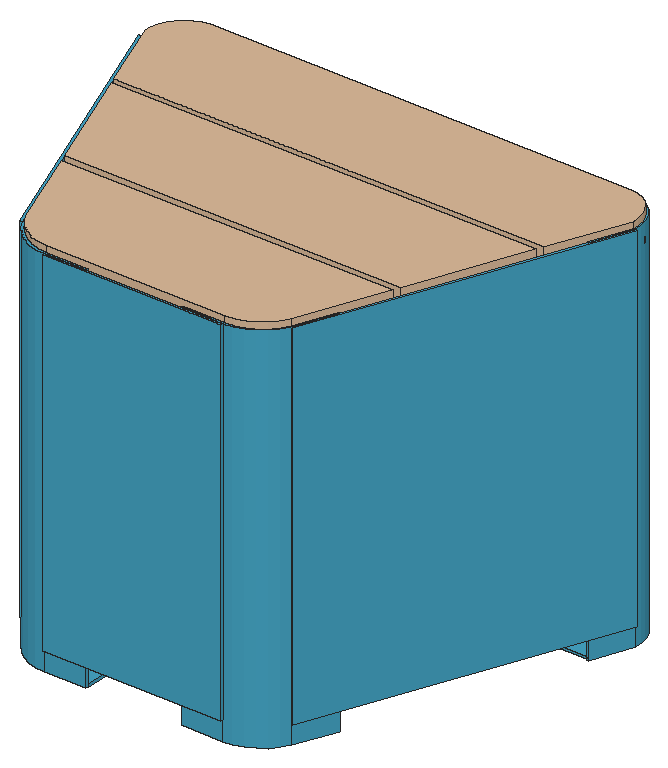
Revit family "product code 61505-S-L", category Meble, Revit 2021
Family settings
  Numer OmniClass = 23.40.20.00
  Tytuł OmniClass = General Furniture and Specialties
  Oparty na płaszczyźnie roboczej = Nie
  Zawsze pionowo = Tak
  Tnij formami wycięć po wczytaniu = Nie
  Współdzielony = Nie
  Punkt obliczania pomieszczeń = Nie
Parameters (values of type "61505-S-L")
  wood = Kobenhagen Wood - Larch
  metal = Kobenhagen RAL 5012
  Width = "44 cm"
  Weight = "30 kg"
  URL = "https://kobenhagen.com/en_US/p/Kdbyen-Stool/175"
  Product line = "Kødbyen"
  Product Groups = "Stools"
  Producent = "Lars Laj"
  Keynote = ""
  Opis = "Kødbyen Stool"
  Model = "61505-S-L"
  Material = "Larch, stainless steel, powder coated steel"
  Maintenance = "We recommend to examine and tighten all screws and bolt clamps after a few weeks’ use. In order to prevent cracks and to extend the life of the wood, it is recommended that the wood details should be oiled every 3-5 years."
  Lenght = "60 cm"
  Type Comments = ""
  Kobenhagen Materials = "larslaj.com/bim"
  Hosted on larslaj.com = "https://larslaj.com/bim"
  Height = "45 cm"
  Domyślna rzędna = 0 mm
  Copyright = "All designs and drawings are the intellectual property of Lars Laj A/S and are protected by Danish and international copyright laws."
Reference planes
  plane 1 "front": y = 0
  plane 2: z = 0
  plane 3 "Środek (Lewa/Prawa)": x = 0
  plane 4 "left": x = -247.535
  plane 5 "right": x = 809.233
  plane 6 "back": y = 400
  plane 7: x = -136.25
  plane 8: z = 706.5
Forms (mm)
  Extrusion 1, solid, material "Kobenhagen RAL 5012" <- "metal", not visible
    sketch origin (0, 0, 0) x (0, 1, 0) y (0, 0, 1)
      loop
        arc (71.187, 451.5) -> (57.045, 445.642) -> (51.187, 431.5) r 20
        line (51.187, 431.5) -> (51.187, 18.231)
        arc (51.187, 18.231) -> (56.527, 5.34) -> (69.418, 0) r 18.231
        line (69.418, 0) -> (153.638, 0) -> (153.638, 15) -> (448.638, 15) -> (448.638, 0) -> (527.023, 0)
        arc (527.023, 0) -> (542.307, 6.331) -> (548.638, 21.615) r 21.615
        line (548.638, 21.615) -> (548.638, 429.407)
        arc (548.638, 429.407) -> (542.168, 445.029) -> (526.545, 451.5) r 22.093
        line (526.545, 451.5) -> (71.187, 451.5)
    from 750.378 to 745
  Extrusion 2, solid, material "Kobenhagen RAL 5012" <- "metal", not visible
    sketch origin (0, 0, 0) x (0, 1, 0) y (0, 0, 1)
      loop
        line (548.638, 396.844) -> (629.375, 854.725) -> (601.836, 859.581)
        arc (601.836, 859.581) -> (585.224, 855.898) -> (576.082, 841.547) r 22.232
        line (576.082, 841.547) -> (507.306, 451.5) -> (526.545, 451.5)
        arc (526.545, 451.5) -> (542.168, 445.029) -> (548.638, 429.407) r 22.093
        line (548.638, 429.407) -> (548.638, 396.844)
    from 745 to 750.378
  Extrusion 3, solid, material "Kobenhagen RAL 5012" <- "metal"
    sketch origin (0, 0, 0) x (1, 0, 0) y (0, 1, 0)
      loop
        arc (-293.16, 475.97) -> (-282.001, 508.042) -> (-251.234, 522.413) r 43.652
        line (-251.234, 522.413) -> (-200.381, 522.312) -> (-200.381, 525.412) -> (-251.284, 525.413)
        arc (-251.284, 525.413) -> (-284.324, 509.867) -> (-296.121, 475.312) r 46.771
        line (-296.121, 475.312) -> (-278.038, 428.325) -> (-274.845, 428.325) -> (-293.16, 475.97)
      loop
        line (200.651, 522.312) -> (251.504, 522.413)
        arc (251.504, 522.413) -> (282.271, 508.042) -> (293.43, 475.97) r 43.652
        line (293.43, 475.97) -> (275.115, 428.325) -> (278.308, 428.325) -> (296.391, 475.312)
        arc (296.391, 475.312) -> (284.594, 509.867) -> (251.554, 525.413) r 46.771
        line (251.554, 525.413) -> (200.651, 525.412) -> (200.651, 522.312)
      loop
        arc (158.801, 128.754) -> (137.921, 104.402) -> (107.159, 95.311) r 56.594
        line (107.159, 95.311) -> (57.159, 95.311) -> (57.159, 92.311) -> (107.159, 92.311)
        arc (107.159, 92.311) -> (139.586, 101.906) -> (161.572, 127.602) r 59.594
        line (161.572, 127.602) -> (180.094, 175.729) -> (176.879, 175.729) -> (158.801, 128.754)
      loop
        line (-158.801, 128.754) -> (-176.879, 175.729) -> (-180.094, 175.729) -> (-161.572, 127.602)
        arc (-161.572, 127.602) -> (-139.586, 101.906) -> (-107.159, 92.311) r 59.594
        line (-107.159, 92.311) -> (-57.159, 92.311) -> (-57.159, 95.311) -> (-107.159, 95.311)
        arc (-107.159, 95.311) -> (-137.921, 104.402) -> (-158.801, 128.754) r 56.594
    from 0 to 450
  Extrusion 4, solid, material "Kobenhagen RAL 5012" <- "metal"
    sketch origin (0, 0, 0) x (1, 0, 0) y (0, 1, 0)
      loop
        line (-106.889, 92.311) -> (-106.889, 89.32) -> (107.159, 89.32) -> (107.159, 92.311) -> (-106.889, 92.311)
      loop
        line (-251.286, 528.312) -> (-251.286, 525.413) -> (251.556, 525.413) -> (251.556, 528.312) -> (-251.286, 528.312)
      loop
        line (299.188, 474.227) -> (296.391, 475.312) -> (161.651, 127.807) -> (163.899, 126.541) -> (299.188, 474.227)
      loop
        line (-299.188, 474.227) -> (-164.371, 126.524) -> (-161.626, 127.742) -> (-295.521, 475.649) -> (-299.188, 474.227)
    from 23.503 to 450
  Extrusion 5, solid, material "Kobenhagen RAL 5012" <- "metal"
    sketch origin (0, 0, 0) x (1, 0, 0) y (0, 1, 0)
      loop
        line (-200.381, 428.325) -> (-200.381, 522.312) -> (-251.234, 522.413)
        arc (-251.234, 522.413) -> (-282.001, 508.042) -> (-293.16, 475.97) r 43.652
        line (-293.16, 475.97) -> (-274.845, 428.325) -> (-200.381, 428.325)
      loop
        line (-56.889, 175.729) -> (-176.609, 175.729) -> (-158.531, 128.754)
        arc (-158.531, 128.754) -> (-137.651, 104.402) -> (-106.889, 95.311) r 56.594
        line (-106.889, 95.311) -> (-56.889, 95.311) -> (-56.889, 175.729)
      loop
        line (200.381, 428.325) -> (274.845, 428.325) -> (293.16, 475.97)
        arc (293.16, 475.97) -> (282.001, 508.042) -> (251.234, 522.413) r 43.652
        line (251.234, 522.413) -> (200.381, 522.312) -> (200.381, 428.325)
      loop
        line (56.889, 175.729) -> (56.889, 95.311) -> (106.889, 95.311)
        arc (106.889, 95.311) -> (137.651, 104.402) -> (158.531, 128.754) r 56.594
        line (158.531, 128.754) -> (176.609, 175.729) -> (56.889, 175.729)
    from 0 to 3.062
  Extrusion 6, solid, material "Kobenhagen Wood - Larch" <- "wood"
    sketch origin (0, 0, 0) x (1, 0, 0) y (0, 1, 0)
      loop
        line (258.581, 385.312) -> (293.43, 475.97)
        arc (293.43, 475.97) -> (282.852, 507.385) -> (253.255, 522.312) r 43.652
        line (253.255, 522.312) -> (-252.985, 522.312)
        arc (-252.985, 522.312) -> (-282.582, 507.385) -> (-293.16, 475.97) r 43.652
        line (-293.16, 475.97) -> (-258.311, 385.312) -> (258.581, 385.312)
      loop
        line (-254.906, 377.312) -> (-201.786, 240.312) -> (202.056, 240.312) -> (255.176, 377.312) -> (-254.906, 377.312)
      loop
        line (-198.386, 232.312) -> (-158.531, 128.754)
        arc (-158.531, 128.754) -> (-137.748, 104.465) -> (-107.12, 95.312) r 56.594
        line (-107.12, 95.312) -> (107.39, 95.312)
        arc (107.39, 95.312) -> (138.018, 104.465) -> (158.801, 128.754) r 56.594
        line (158.801, 128.754) -> (198.656, 232.312) -> (-198.386, 232.312)
    from 421 to 456.842
  Extrusion 7, solid, material "Kobenhagen Wood - Larch" <- "wood"
    sketch origin (0, 0, 0) x (1, 0, 0) y (0, 1, 0)
      loop
        line (-103.832, 95.394) -> (-266.822, 518.902)
        arc (-266.822, 518.902) -> (-286.046, 502.815) -> (-293.251, 478.806) r 43.652
        line (-293.251, 478.806) -> (-158.531, 128.754)
        arc (-158.531, 128.754) -> (-136.356, 103.588) -> (-103.832, 95.394) r 56.594
      loop
        arc (103.832, 95.394) -> (136.356, 103.588) -> (158.531, 128.754) r 56.594
        line (158.531, 128.754) -> (293.251, 478.806)
        arc (293.251, 478.806) -> (286.046, 502.815) -> (266.822, 518.902) r 43.652
        line (266.822, 518.902) -> (103.832, 95.394)
    from 379.562 to 421
  Extrusion 8, solid, material "Kobenhagen Wood - Larch" <- "wood"
    sketch origin (0, 0, 0) x (1, 0, 0) y (0, 1, 0)
      loop
        line (-103.832, 95.394) -> (-266.822, 518.902)
        arc (-266.822, 518.902) -> (-286.046, 502.815) -> (-293.251, 478.806) r 43.652
        line (-293.251, 478.806) -> (-158.531, 128.754)
        arc (-158.531, 128.754) -> (-136.356, 103.588) -> (-103.832, 95.394) r 56.594
      loop
        arc (103.832, 95.394) -> (136.356, 103.588) -> (158.531, 128.754) r 56.594
        line (158.531, 128.754) -> (293.251, 478.806)
        arc (293.251, 478.806) -> (286.046, 502.815) -> (266.822, 518.902) r 43.652
        line (266.822, 518.902) -> (103.832, 95.394)
    from 379.562 to 421
  Extrusion 9, solid, material "Kobenhagen Wood - Larch" <- "wood"
    sketch origin (0, 0, 0) x (1, 0, 0) y (0, 1, 0)
      loop
        line (-103.832, 95.394) -> (-266.822, 518.902)
        arc (-266.822, 518.902) -> (-286.046, 502.815) -> (-293.251, 478.806) r 43.652
        line (-293.251, 478.806) -> (-158.531, 128.754)
        arc (-158.531, 128.754) -> (-136.356, 103.588) -> (-103.832, 95.394) r 56.594
      loop
        arc (103.832, 95.394) -> (136.356, 103.588) -> (158.531, 128.754) r 56.594
        line (158.531, 128.754) -> (293.251, 478.806)
        arc (293.251, 478.806) -> (286.046, 502.815) -> (266.822, 518.902) r 43.652
        line (266.822, 518.902) -> (103.832, 95.394)
    from 379.562 to 377.562
Lines and regions (mm)
  model lines, style "9"
    curve 1: line (264.233, -399.489, 0) -> (264.233, -405.489, 0)
    curve 2: line (-304.767, -399.489, 0) -> (-304.767, -405.489, 0)
    curve 3: line (-281.767, -399.489, 0) -> (-281.767, -405.489, 0)
Dimensions and locks
  aligned and locked: level to plane 2
